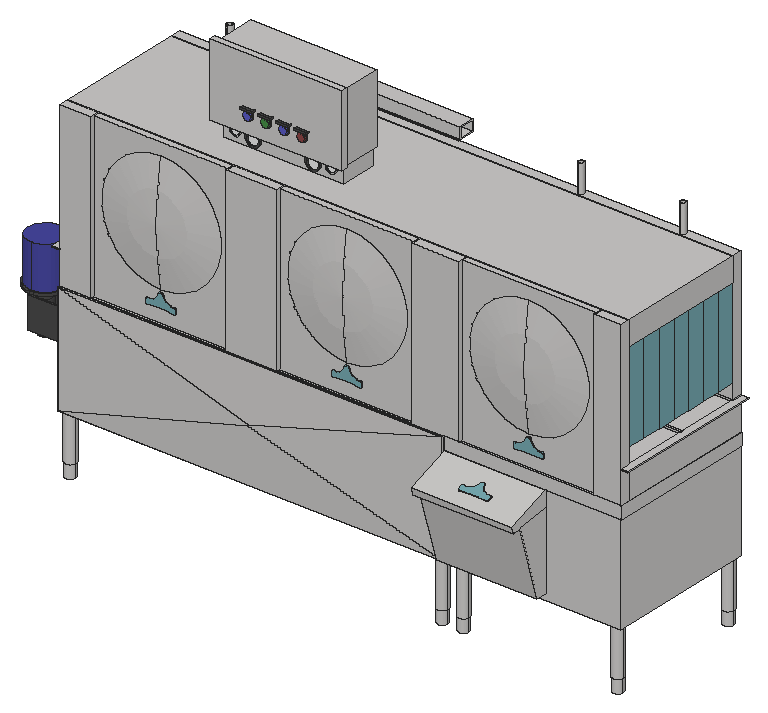
Revit family (continued)
Connectors (in)
  piping at (7.32772, -51.15916, 6), driven by "Indirect Waste Flow"
    settings: on Extrusion 50, index 1, connector radius 1", flow factor 0, pipe flow 0.00 GPM, pressure drop 0.00 psi, fitting loss kfactor 0, connector angle 0.00°, fixture units 0, flow configuration 1, flow direction 2, fitting loss method 0, system type 16, connector reference index -1, connector utility 0, adjustable connector no, is connector primary yes, fitting loss table "", connector description "Indirect Waste"
  piping at (11.32772, -48.90916, 60), driven by "Hot Water Flow"
    settings: on Extrusion 46, index 2, connector radius 3/8", flow factor 0, pipe flow 2.01 GPM, pressure drop 0.00 psi, fitting loss kfactor 0, connector angle 0.00°, fixture units 0, flow configuration 1, flow direction 1, fitting loss method 0, system type 19, connector reference index -1, connector utility 0, adjustable connector no, is connector primary no, fitting loss table "", connector description "Booster Hot Water"
  electrical at (44.32772, -60.09666, 68.5), driven by "Number of Poles", driven by "Volts", driven by "Apparent Power"
    settings: on Extrusion 49, index 3, voltage 208 V, apparent load 31450 VA, apparent load phase1 0 VA, apparent load phase2 0 VA, apparent load phase3 0 VA, power factor 1, load classification "Other", number of poles 1, system type 30, power factor state 1, is connector primary yes, connector utility no, sub classification motor no, connector description "Electric"
  hvac at (-2.67228, -60.65916, 59.5), driven by "Exhaust Volume", driven by "Exhaust Vent Depth", driven by "Exhaust Vent Width", driven by "Exhaust Vent Text"
    settings: on cut or joined group of Extrusion 44, Extrusion 45, index 4, duct flow 0 CFM, flow factor 0, pres drop 0.00 in-wg, loss coef 0, conn angle 0.00°, conn width 3 7/8", conn height 24 7/8", conn radius 12", duct sys type 3, conn prof type 1, flow config 1, flow direction 2, loss method 0, conn ref index -1, conn util no, is conn primary yes, conn desc "Vent, Unload End"
  piping at (74.82772, -51.15916, 6), driven by "Indirect Waste Flow"
    settings: on Extrusion 61, index 6, connector radius 1", flow factor 0, pipe flow 0.00 GPM, pressure drop 0.00 psi, fitting loss kfactor 0, connector angle 0.00°, fixture units 0, flow configuration 1, flow direction 2, fitting loss method 0, system type 16, connector reference index -1, connector utility 0, adjustable connector no, is connector primary no, fitting loss table "", connector description "Indirect Waste"
  piping at (69.82772, -48.90916, 60), driven by "Building Hot Water Flow"
    settings: on Extrusion 60, index 7, connector radius 3/8", flow factor 0, pipe flow 0.00 GPM, pressure drop 0.00 psi, fitting loss kfactor 0, connector angle 0.00°, fixture units 0, flow configuration 1, flow direction 1, fitting loss method 0, system type 19, connector reference index -1, connector utility 0, adjustable connector no, is connector primary no, fitting loss table "", connector description "Building Hot Water"
  hvac at (100.82772, -60.65916, 59.5), driven by "Right Exhaust Volume", driven by "Right Exhaust Vent Depth", driven by "Right Exhaust Vent Width", driven by "Right Exhaust Vent Text"
    settings: on cut or joined group of Extrusion 83, Extrusion 95, index 8, duct flow 0 CFM, flow factor 0, pres drop 0.00 in-wg, loss coef 0, conn angle 0.00°, conn width 3 7/8", conn height 24 7/8", conn radius 12", duct sys type 3, conn prof type 1, flow config 1, flow direction 2, loss method 0, conn ref index -1, conn util no, is conn primary no, conn desc "Vent, Load End"
  piping at (86.82772, -48.90916, 60), driven by "Cold Water Flow"
    settings: on Extrusion 96, index 9, connector radius 3/8", flow factor 0, pipe flow 0.00 GPM, pressure drop 0.00 psi, fitting loss kfactor 0, connector angle 0.00°, fixture units 0, flow configuration 1, flow direction 1, fitting loss method 0, system type 20, connector reference index -1, connector utility 0, adjustable connector no, is connector primary no, fitting loss table "", connector description "Cold Water"
Definition of nested family "QF_Stero_ER-94S_R-L_E_HW2"
  Parameters (values of type "Nested")
    Watermarked By = "http://revitwatermark.com"
    Type Comments = "⍁⍉⌁⌀⏭⎽⌇⍠⌜⍉⎖⌥⌦⌯⍭⏊⍻⍿⍊⏵⍊⏗⏠⍴⎡⌈⎀⍠⌓⌤⏘⎐⍀⌐⏬⏁⎈⏍⏦⎒⏬⌝⍩⍇⌣〈⎫〉⎁⏊⍥⍖⍥⍝⍦⌖⍀⏌⏭⎝⎼⏷⏞⍻⏯⎽⏷⏞⍻⏯⎽⏷⎺⌻⎝⍎⌧⏷⏟⏿⌿⍜⍦⍤⌁⍬⏶⏎⍊⏚⏉⎞⌡⎀⎪⏈⌟⌿⍾⍼⌟⌿⌢⏮⏝⏝⏛⎽⎻⎷⎳⎻⎗⌾⍼⎴⏿⏰⏑⏮⍮⍺⏼⏅⎏⌽⌻⍽⎝⍮⎧⎯⏛⎼⎮⍾⏬⏇⏎⏳⏦⏠⎧⎳⍷⏿⌏"
    Plumbing Remarks [instance] = ""
    Item Number [instance] = "-"
    Hot Water Temperature [instance] = 0 °F
    Hot Water Size [instance] = 1/4"
    Hot Water RI Height [instance] = 0' - 0"
    Hot Water Minimum Pressure [instance] = 0.00 psi
    Hot Water Maximum Pressure [instance] = 0.00 psi
    Hot Water Flow [instance] = 0.00 GPM
    Hot Water Consumption [instance] = 0.00 GPM
    Hot Water Connection Height [instance] = 0' - 0"
    Description = ""
    Hot Water Size Radius [instance] = Hot Water Size / 2  # 1/8"
    Assembly Code = ""
  Reference planes (in)
    plane 1 "Center (Back)": y = 0
    plane 2: z = 0
    plane 3 "Center (Left)": x = 0
  Lines and regions (in)
    symbolic lines, style "QF_Multiple Utilities"
      curve 1: circle (0, 0, 0) r 0.125 normal (0, 0, 1)
  Dimensions and locks (in)
    "Hot Water Size Radius": radius of curve 1
    aligned and locked: level to plane 2
  Automatic sketch dimensions
    plane 1 "Center (Back)" to curve 1 = 0' - 0"
    curve 1 to plane 3 "Center (Left)" = 0' - 0"
Definition of nested family "QF_Stero_ER-94S_R-L_E_EX"
  Parameters (values of type "Nested")
    Watermarked By = "http://revitwatermark.com"
    Ventilation Remarks [instance] = ""
    Type Comments = "⍁⍉⌁⌀⏭⎽⌇⍠⌜⍉⎖⌥⌦⌯⍭⏊⍻⍿⍊⏵⍊⏗⏠⍴⎡⌈⎀⍠⌓⌤⏘⎐⍀⌐⏬⏁⎈⏍⏦⎒⏬⌝⍩⍇⌣〈⎫〉⎁⏊⍥⍖⍥⍝⍦⌖⍀⏌⏭⎝⎼⏷⏞⍻⏯⎽⏷⏞⍻⏯⎽⏷⎺⌻⎝⍎⌧⏷⏟⏿⌿⍜⍦⍤⌁⍬⏶⏎⍊⏚⏉⎞⌡⎀⎪⏈⌟⌿⍾⍼⌟⌿⌢⏮⏝⏝⏛⎽⎻⎷⎳⎻⎗⌾⍼⎴⏿⏰⏑⏮⍮⍺⏼⏅⎏⌽⌻⍽⎝⍮⎧⎯⏛⎼⎮⍾⏬⏇⏎⏳⏦⏠⎧⎳⍷⏿⌏"
    Item Number [instance] = "-"
    Exhaust Volume [instance] = 0 CFM
    Exhaust Vent Width [instance] = 1' - 4"
    Exhaust Vent Depth [instance] = 0' - 4"
    Exhaust Static Press [instance] = 0.00 in-wg
    Exhaust RI Height [instance] = 0' - 0"
    Description = ""
    Assembly Code = ""
  Reference planes (in)
    plane 1 "Center (Back)": y = 0
    plane 2: z = 0
    plane 3 "Center (Left)": x = 0
    plane 4: x = 16
    plane 5: y = -4
  Lines and regions (in)
    symbolic lines, style "QF_Multiple Utilities"
      curve 1: line (0, 0, 0) -> (16, 0, 0)
      curve 2: line (0, -4, 0) -> (0, 0, 0)
      curve 3: line (16, -4, 0) -> (0, -4, 0)
      curve 4: line (16, 0, 0) -> (16, -4, 0)
      curve 5: line (16, 0, 0) -> (0, -4, 0)
      curve 6: line (0, 0, 0) -> (16, -4, 0)
  Dimensions and locks (in)
    "Exhaust Vent Width": plane 3 "Center (Left)" to plane 4
    "Exhaust Vent Depth": plane 1 "Center (Back)" to plane 5
    aligned and locked: level to plane 2
    aligned and locked: plane 1 "Center (Back)" to curve 1
    aligned and locked: plane 3 "Center (Left)" to curve 2
    aligned and locked: curve 3 to plane 5
    aligned and locked: curve 4 to plane 4
Types (3): name | Watermarked By | Volts | FL Amps | Apparent Power
  (no name) | "" | 208 V | 87.4 A | 31450 VA
  208/60/3 | "http://revitwatermark.com" | 208 V | 87.4 A | 31450 VA
  480/60/3 | "" | 480 V | 39.6 A | 32883.8 VA
